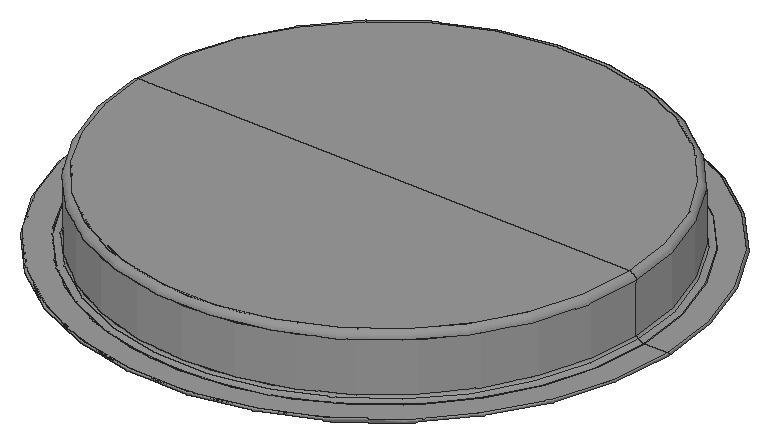
Revit family "MIA12_63_UN_Downlighter_ETK", category Lighting Fixtures, Revit 2017 (continued)
Definition of nested family "MIA.1 - Lightsource"
  Types (8, lengths in mm): name | Wattage | built-in parameter 1150134 | Photometric Web File | built-in parameter 1150142 | built-in parameter 1150105 | Lumens | built-in parameter 1150107 | built-in parameter 1150106
    MIA.1263.25/35 -  Ø180 / 10W / 1100lm / 4000K | 7.40531 W | 12 | "MIA.1263.25_LDT.ies" | "IESNA91\r\n[MANUFAC]  www.etk.nl\r\n[LUMCAT] MIA.1263.25\r\n[LUMINAIRE] MIA.1 LED 10W 4000K ø180 1000Lm alu  Dimbaar DALI\r\n[LAMP] LED\r\n[CHANGED] this file converted to 'ies' from 'ldt' by IES Viewer v2.99n    (C) Andrey Legotin\r\nTILT=NONE\r\n1 1050 1.05 181 24 1 2 0 -0.16 0\r\n1 1 10\r\n0 1 2 3 4 5 6 7 8 9 10 11 12 13 14 15 16 17 18 19 20 21 22 \r\n23 24 25 26 27 28 29 30 31 32 33 34 35 36 37 38 39 40 41 42 \r\n43 44 45 46 47 48 49 50 51 52 53 54 55 56 57 58 59 60 61 62 \r\n63 64 65 66 67 68 69 70 71 72 73 74 75 76 77 78 79 80 81 82 \r\n83 84 85 86 87 88 89 90 91 92 93 94 95 96 97 98 99 100 101 \r\n102 103 104 105 106 107 108 109 110 111 112 113 114 115 116 \r\n117 118 119 120 121 122 123 124 125 126 127 128 129 130 131 \r\n132 133 134 135 136 137 138 139 140 141 142 143 144 145 146 \r\n147 148 149 150 151 152 153 154 155 156 157 158 159 160 161 \r\n162 163 164 165 166 167 168 169 170 171 172 173 174 175 176 \r\n177 178 179 180 \r\n0 15 30 45 60 75 90 105 120 135 150 165 180 195 210 225 240 \r\n255 270 285 300 315 330 345 \r\n346.7666 346.96 346.9237 346.8029 346.1864 346.1139 \r\n345.4611 344.9293 344.1073 343.7931 342.8381 341.5206 \r\n340.2635 338.6317 336.9394 334.9934 332.5879 331.4638 \r\n329.7474 327.3661 325.1541 322.652 320.5125 317.95 314.9523 \r\n312.4018 309.4524 306.3459 303.0098 300.0121 296.9539 \r\n293.2189 289.5322 285.8697 282.0742 278.2546 274.6283 \r\n270.7845 266.8198 262.4199 258.3706 253.9466 249.5588 \r\n245.2315 240.2393 235.6219 230.9924 226.387 222.0839 \r\n216.6203 211.3381 206.5031 201.3659 196.3858 190.9223 \r\n185.8334 180.3941 175.0635 169.6483 163.8342 159.0112 \r\n153.318 147.4193 142.0525 136.4559 130.8473 125.0695 \r\n119.3884 113.7314 108.0865 102.4417 96.9298 91.3212 85.5675 \r\n80.1402 74.6283 69.1285 63.4715 58.1651 52.7257 47.3951 \r\n42.2217 37.0241 31.9231 26.8343 21.8421 16.9588 12.1721 \r\n7.5063 3.1911 0.7857 0.133 0.1209 0.1209 0.1209 0.1209 \r\n0.1209 0.1209 0.1209 0.1209 0.1209 0.133 0.1451 0.1571 \r\n0.1571 0.1692 0.1692 0.1813 0.1813 0.2055 0.2055 0.2176 \r\n0.2297 0.2418 0.2538 0.2659 0.2659 0.278 0.278 0.2901 \r\n0.3022 0.3264 0.3264 0.3143 0.3264 0.3385 0.3505 0.3505 \r\n0.3626 0.3747 0.3868 0.3868 0.3989 0.411 0.411 0.411 0.4352 \r\n0.4352 0.4352 0.4472 0.4472 0.4593 0.4714 0.4714 0.4835 \r\n0.4956 0.4956 0.4956 0.5077 0.5077 0.5077 0.5077 0.5198 \r\n0.5198 0.5198 0.5319 0.5319 0.5319 0.5319 0.5319 0.5319 \r\n0.5319 0.5319 0.5319 0.5319 0.5319 0.5319 0.556 0.556 0.556 \r\n0.556 0.6044 0.6165 0.6406 0.6406 0.6527 0.6527 0.6527 \r\n0.6527 0.6527 0.6406 \r\n348.3742 347.7578 349.2083 348.2413 348.0962 346.9842 \r\n346.5248 345.9084 346.0172 344.8326 343.6964 343.6722 \r\n341.0734 340.3119 338.2812 336.3472 334.5582 332.9868 \r\n331.1374 328.3936 327.2936 324.5739 321.3828 319.6059 \r\n316.4632 313.7314 311.4469 307.7602 305.0526 301.9098 \r\n298.6341 295.1287 291.7442 287.7674 284.5401 280.5633 \r\n276.9733 273.3954 269.0801 264.6924 260.6551 256.6421 \r\n252.1818 247.1776 243.092 238.535 234.0868 229.3122 \r\n224.4772 218.8807 213.2842 207.6877 202.5867 197.6067 \r\n192.7958 187.5378 181.9413 176.3447 170.8933 165.466 \r\n160.0266 154.6356 149.0632 143.4667 137.9669 132.455 \r\n126.931 120.7784 115.1698 109.6337 103.9768 98.2594 92.5299 \r\n86.9213 81.4094 75.9579 70.3856 64.9462 59.4585 54.14 \r\n48.7731 43.503 38.2086 33.0835 28.0189 23.063 18.0708 \r\n13.1875 8.4854 3.9889 1.1483 0.0967 0.0967 0.1088 0.1088 \r\n0.1088 0.1209 0.1209 0.1209 0.133 0.1451 0.1571 0.1692 \r\n0.1692 0.1813 0.1934 0.1934 0.2055 0.2176 0.2297 0.2297 \r\n0.2418 0.2538 0.2659 0.278 0.278 0.2901 0.3022 0.3143 \r\n0.3264 0.3264 0.3385 0.3505 0.3626 0.3626 0.3626 0.3747 \r\n0.3868 0.3989 0.3989 0.411 0.4231 0.4231 0.4352 0.4352 \r\n0.4472 0.4593 0.4593 0.4714 0.4714 0.4835 0.4956 0.5077 \r\n0.5077 0.5077 0.5077 0.5077 0.5319 0.5319 0.5319 0.5319 \r\n0.5319 0.5319 0.5319 0.5319 0.5319 0.5319 0.5439 0.5439 \r\n0.5439 0.5439 0.5439 0.5439 0.5439 0.556 0.556 0.556 0.5681 \r\n0.5681 0.5802 0.6044 0.6044 0.6165 0.6165 0.6165 0.6286 \r\n0.6286 0.6406 0.6286 0.6286 0.6406 \r\n347.794 348.1083 348.0479 347.7336 347.5402 347.6973 \r\n346.8512 346.0293 345.7512 344.5667 343.7326 342.5964 \r\n341.2426 340.0218 338.5229 336.9394 335.0538 333.4341 \r\n331.5363 329.2518 327.5837 324.719 322.2048 319.896 \r\n317.1401 313.816 311.193 308.3887 305.3427 301.8494 \r\n298.8396 295.2133 291.297 288.263 284.528 280.6237 276.6348 \r\n273.1415 269.4669 265.466 260.3409 256.5333 251.7104 \r\n247.0809 242.8865 238.8372 234.2198 228.9617 224.2717 \r\n219.2917 213.9369 209.2711 204.5207 198.9121 193.6178 \r\n188.5289 183.2346 177.3722 172.1383 166.6747 161.1749 \r\n156.1102 150.2115 144.5546 138.8614 133.3495 127.9101 \r\n121.9872 116.4511 110.7579 105.0647 99.3714 93.9562 88.3476 \r\n82.8357 77.1909 71.6306 66.1187 60.776 55.2037 49.7885 \r\n44.5908 39.3086 34.0868 28.9738 23.9333 18.9532 14.1182 \r\n9.3074 4.7625 1.4747 0.133 0.1209 0.1209 0.1209 0.1209 \r\n0.1209 0.1209 0.1209 0.1209 0.1209 0.1209 0.1451 0.1571 \r\n0.1571 0.1571 0.1692 0.1813 0.1934 0.2055 0.2055 0.2176 \r\n0.2297 0.2418 0.2418 0.2538 0.2659 0.278 0.278 0.2901 \r\n0.3022 0.3143 0.3264 0.3264 0.3264 0.3264 0.3385 0.3505 \r\n0.3626 0.3626 0.3868 0.3868 0.3989 0.3989 0.411 0.411 \r\n0.4352 0.4352 0.4352 0.4472 0.4472 0.4593 0.4714 0.4714 \r\n0.4835 0.4956 0.4956 0.5077 0.5077 0.5077 0.5077 0.5077 \r\n0.5198 0.5198 0.5319 0.5319 0.5319 0.5319 0.5319 0.5319 \r\n0.5439 0.5439 0.5439 0.5439 0.5439 0.5439 0.5439 0.556 \r\n0.556 0.556 0.5681 0.6044 0.6286 0.6406 0.6527 0.6648 \r\n0.6648 0.6769 0.6769 0.6648 0.6406 \r\n346.5369 347.8666 347.2017 346.4161 346.3798 346.4886 \r\n346.3677 345.8359 344.8205 344.7963 343.5755 342.0887 \r\n340.88 339.6591 338.8009 337.701 334.9208 332.9868 330.8594 \r\n328.865 327.487 324.2355 322.3861 319.6422 317.539 315.1819 \r\n311.2897 308.0019 304.7504 302.3087 299.166 295.999 \r\n292.2761 289.0971 285.7367 281.8808 277.7106 274.0602 \r\n269.89 265.7198 261.6826 257.0893 252.762 249.2929 244.0832 \r\n239.4416 234.7758 230.1946 225.553 220.0169 214.4688 \r\n208.9448 204.0977 199.0209 193.8595 188.6136 182.9929 \r\n177.6744 172.38 166.8923 161.465 156.1465 150.5137 144.893 \r\n139.369 133.7121 127.6804 122.3136 116.7533 111.0963 \r\n105.5482 99.7462 94.1376 88.4564 82.9808 77.3963 71.7515 \r\n66.4209 60.8365 55.6388 50.1511 44.8205 39.5383 34.4978 \r\n29.3485 24.3201 19.2917 14.36 9.6821 5.0284 1.5956 0.1088 \r\n0.0967 0.1088 0.1088 0.1209 0.1209 0.1209 0.133 0.1451 \r\n0.1451 0.1571 0.1571 0.1813 0.1813 0.1934 0.1934 0.2055 \r\n0.2176 0.2297 0.2418 0.2418 0.2538 0.2659 0.278 0.2901 \r\n0.2901 0.3143 0.3143 0.3264 0.3385 0.3385 0.3505 0.3626 \r\n0.3626 0.3747 0.3747 0.3868 0.3868 0.3989 0.411 0.4231 \r\n0.4231 0.4231 0.4352 0.4352 0.4352 0.4472 0.4593 0.4593 \r\n0.4714 0.4835 0.4956 0.5077 0.5077 0.5077 0.5198 0.5198 \r\n0.5198 0.5198 0.5198 0.5198 0.5198 0.5319 0.5319 0.5319 \r\n0.5319 0.5319 0.5319 0.5319 0.5439 0.5439 0.5439 0.5439 \r\n0.556 0.556 0.5681 0.5681 0.5802 0.5923 0.6044 0.6044 \r\n0.6165 0.6165 0.6286 0.6286 0.6406 0.6406 0.6406 0.6406 \r\n0.6406 \r\n347.0688 347.5402 348.0358 348.3501 348.2413 347.1655 \r\n346.7787 347.2259 345.8721 345.0381 343.9744 342.3788 \r\n341.3514 339.6229 338.7526 337.3142 335.1988 333.0956 \r\n330.8836 329.0221 327.1123 324.7069 322.2168 319.1708 \r\n317.1401 314.5655 311.3139 308.7151 305.3669 302.212 \r\n299.2747 295.5397 291.986 288.6377 284.9631 280.9017 \r\n277.348 273.5646 269.7208 265.611 261.1024 256.9201 \r\n252.4115 247.6611 243.2733 238.8734 233.7363 229.3606 \r\n224.586 219.3279 214.6863 209.5975 204.6416 199.3714 \r\n194.4035 189.0487 183.4159 178.1458 172.7306 166.9527 \r\n161.6584 156.2553 150.6829 145.0502 139.4778 133.8813 \r\n128.321 122.5553 117.1401 111.4469 105.7416 100.0363 \r\n94.3914 88.5894 83.1863 77.6139 72.0053 66.6143 60.9573 \r\n55.663 50.3324 45.0018 39.8163 34.5703 29.4331 24.4168 \r\n19.4246 14.5413 9.7667 5.1735 1.6439 0.1692 0.1209 0.1088 \r\n0.1088 0.1088 0.1088 0.1088 0.1088 0.1088 0.1209 0.1209 \r\n0.1451 0.1451 0.1571 0.1571 0.1692 0.1813 0.1813 0.2055 \r\n0.2176 0.2176 0.2297 0.2297 0.2418 0.2538 0.2659 0.278 \r\n0.278 0.2901 0.3022 0.3264 0.3264 0.3264 0.3264 0.3385 \r\n0.3505 0.3505 0.3626 0.3747 0.3747 0.3868 0.3989 0.411 \r\n0.411 0.411 0.4352 0.4352 0.4472 0.4352 0.4352 0.4472 \r\n0.4472 0.4593 0.4593 0.4714 0.4714 0.4956 0.4956 0.5077 \r\n0.5077 0.5077 0.5198 0.5198 0.5198 0.5319 0.5319 0.5319 \r\n0.5319 0.5319 0.5319 0.5319 0.5319 0.5319 0.5319 0.5439 \r\n0.5439 0.5439 0.556 0.556 0.5681 0.6044 0.6286 0.6406 \r\n0.6527 0.6648 0.6769 0.6769 0.6769 0.6648 0.6406 \r\n347.794 348.1687 348.2654 347.4677 348.2171 347.238 \r\n347.3105 347.3105 345.6425 345.0743 343.9502 343.2975 \r\n341.9074 340.1185 338.7888 337.3504 335.7186 333.7 331.633 \r\n329.8078 327.7408 325.0453 322.7124 320.0894 317.5632 \r\n314.3962 312.3414 308.5459 305.8262 302.3329 299.7824 \r\n296.3133 293.0134 289.4597 285.4345 281.9896 277.904 \r\n274.4712 270.3493 266.6022 262.2628 257.6695 253.1125 \r\n248.8577 244.6392 239.8888 235.3197 230.3759 225.8189 \r\n220.2708 214.7226 209.1744 203.9043 198.9605 193.8716 \r\n188.6015 183.2588 177.7832 172.3438 167.0615 161.5134 \r\n155.9289 150.3203 144.5788 139.1394 133.4462 127.8134 \r\n122.1322 116.4995 110.7579 105.1855 99.6374 93.92 88.3114 \r\n82.7874 76.9491 71.3889 66.0703 60.5584 55.2158 49.8852 \r\n44.5304 39.2723 34.0505 28.9496 23.9454 18.929 14.1061 \r\n9.3557 4.7625 1.4505 0.1088 0.1088 0.1088 0.1088 0.1209 \r\n0.1209 0.1209 0.133 0.1451 0.1571 0.1571 0.1692 0.1813 \r\n0.1813 0.1934 0.2055 0.2176 0.2176 0.2297 0.2418 0.2538 \r\n0.2659 0.2659 0.278 0.2901 0.3022 0.3143 0.3264 0.3264 \r\n0.3385 0.3505 0.3505 0.3626 0.3626 0.3747 0.3747 0.3989 \r\n0.3989 0.411 0.4231 0.4352 0.4352 0.4352 0.4472 0.4472 \r\n0.4593 0.4714 0.4714 0.4835 0.4835 0.4956 0.5077 0.5077 \r\n0.5077 0.5198 0.5077 0.5198 0.5198 0.5319 0.5319 0.5319 \r\n0.5319 0.5319 0.5319 0.5319 0.5319 0.5319 0.5319 0.5439 \r\n0.5439 0.5439 0.5439 0.556 0.556 0.5681 0.5681 0.5802 \r\n0.5802 0.5923 0.6044 0.6165 0.6286 0.6286 0.6406 0.6406 \r\n0.6527 0.6648 0.6527 0.6527 0.6406 \r\n347.4918 347.4556 347.0325 346.9842 346.5611 346.2589 \r\n344.7842 343.3579 342.959 342.2338 341.025 339.9613 \r\n338.6438 336.9515 335.1868 333.3253 331.5363 329.699 \r\n327.4387 324.586 322.0355 320.3554 317.6599 314.3962 \r\n312.1963 309.1502 306.08 302.9494 299.6011 296.7243 \r\n293.6299 289.7256 286.0389 282.8841 279.4029 275.3656 \r\n271.7877 267.5571 263.3627 259.2893 254.8773 250.9489 \r\n246.3314 242.0283 237.4109 232.9626 228.3694 223.6553 \r\n218.2401 212.8128 207.3855 202.0065 197.5946 192.1794 \r\n187.2235 182.1709 176.8645 171.6548 166.5297 161.054 \r\n155.4938 150.0665 144.8447 139.5141 133.8692 128.1035 \r\n122.7004 117.1643 111.7853 106.2976 100.8703 95.3705 \r\n89.9553 84.5038 79.2457 73.6976 68.2098 63.0726 57.7058 \r\n52.5565 47.3589 42.3426 37.3021 32.3462 27.4628 22.6278 \r\n17.9016 13.1996 8.6667 4.2669 1.2571 0.0484 0.0604 0.0604 \r\n0.0725 0.0604 0.0725 0.0846 0.0846 0.0967 0.0967 0.1088 \r\n0.1209 0.1209 0.133 0.1451 0.1451 0.1571 0.1692 0.1813 \r\n0.1813 0.1934 0.2055 0.2055 0.2176 0.2297 0.2418 0.2418 \r\n0.2538 0.2538 0.2659 0.278 0.278 0.2901 0.3022 0.3022 \r\n0.3143 0.3143 0.3264 0.3264 0.3385 0.3505 0.3626 0.3626 \r\n0.3626 0.3747 0.3747 0.3868 0.3989 0.411 0.411 0.4231 \r\n0.4352 0.4352 0.4472 0.4472 0.4593 0.4593 0.4714 0.4714 \r\n0.4714 0.4835 0.4835 0.4956 0.4835 0.4956 0.5077 0.5077 \r\n0.5319 0.5319 0.5439 0.5439 0.556 0.5681 0.5802 0.5802 \r\n0.5923 0.6044 0.6165 0.6165 0.6165 0.6286 0.6286 0.6286 \r\n0.6406 0.6406 0.6406 0.6406 0.6406 0.6406 0.6406 \r\n348.6764 348.9907 348.3863 347.516 346.8029 346.4886 \r\n345.8359 345.0864 344.0348 342.8986 341.6173 340.3239 \r\n339.3449 337.2295 335.2955 333.3132 331.6814 329.3122 \r\n327.7408 325.4321 322.7487 320.4883 318.2159 315.6896 \r\n312.2809 309.3557 306.6965 303.8317 300.0242 296.5551 \r\n292.7475 289.6531 285.8697 282.5819 278.4117 274.9547 \r\n271.413 267.3758 263.121 258.6486 254.2367 249.9819 \r\n245.3282 240.5173 236.1779 231.8869 226.8101 222.1806 \r\n217.3456 212.4501 207.6756 202.5746 197.6188 192.1552 \r\n187.1026 182.1105 176.8766 171.5218 166.1912 160.5222 \r\n155.5663 149.8489 144.204 138.7767 133.2165 127.7167 \r\n122.096 116.717 111.2172 105.7053 100.2055 94.6211 89.2784 \r\n83.8511 78.3392 72.9844 67.5209 62.2749 56.9564 51.928 \r\n46.6699 41.569 36.5043 31.4517 26.6892 21.818 16.9588 \r\n12.3776 7.8206 3.5537 0.9428 0.0967 0.0725 0.0725 0.0725 \r\n0.0725 0.0725 0.0725 0.0725 0.0725 0.0846 0.0967 0.0967 \r\n0.0967 0.1088 0.1209 0.133 0.133 0.1451 0.1571 0.1571 \r\n0.1692 0.1813 0.1813 0.1934 0.2055 0.2176 0.2176 0.2297 \r\n0.2418 0.2418 0.2538 0.2659 0.2659 0.278 0.278 0.2901 \r\n0.2901 0.3022 0.3143 0.3143 0.3264 0.3264 0.3385 0.3385 \r\n0.3505 0.3505 0.3626 0.3626 0.3868 0.3868 0.3989 0.3989 \r\n0.411 0.4231 0.4231 0.4472 0.4352 0.4352 0.4472 0.4472 \r\n0.4472 0.4472 0.4593 0.4593 0.4593 0.4714 0.4956 0.4956 \r\n0.5077 0.5077 0.5198 0.5319 0.5439 0.556 0.556 0.5681 \r\n0.5681 0.5802 0.5923 0.6286 0.6286 0.6406 0.6406 0.6527 \r\n0.6648 0.6648 0.6648 0.6648 0.6406 0.6406 \r\n347.5281 347.5281 347.8424 347.9391 347.4677 346.3677 \r\n346.5853 345.2798 343.7326 342.5118 341.4723 339.8525 \r\n338.5592 336.746 335.0659 333.6396 331.2704 329.421 \r\n326.5925 325.1541 322.7971 320.4762 317.6236 314.7589 \r\n311.5919 308.5338 305.8866 302.5867 299.5286 295.9869 \r\n292.9288 289.1092 285.4829 281.9171 278.2787 274.314 \r\n270.2526 265.9857 262.3957 258.0322 254.2971 248.894 \r\n244.9414 240.2514 235.8153 231.0045 226.4717 221.1531 \r\n215.8346 210.5161 205.669 200.8824 195.3584 190.5113 \r\n185.3983 180.3941 174.5558 169.5999 164.3297 158.9871 \r\n153.5114 147.9512 142.4876 137.0966 131.5001 125.9761 \r\n120.4883 114.8918 109.6217 103.9647 98.5737 93.1464 87.5378 \r\n82.2072 76.8766 71.3647 66.0462 60.8365 55.5663 50.3445 \r\n45.2315 40.1668 35.0296 30.0616 25.2508 20.4279 15.7863 \r\n11.1205 6.6119 2.5505 0.4835 0.0484 0.0484 0.0604 0.0604 \r\n0.0725 0.0725 0.0846 0.0846 0.0967 0.0967 0.1088 0.1209 \r\n0.1209 0.133 0.1451 0.1571 0.1571 0.1692 0.1813 0.1934 \r\n0.1934 0.2055 0.2055 0.2176 0.2297 0.2418 0.2418 0.2538 \r\n0.2538 0.2659 0.278 0.278 0.2901 0.2901 0.3022 0.3143 \r\n0.3143 0.3264 0.3264 0.3385 0.3385 0.3505 0.3505 0.3626 \r\n0.3626 0.3747 0.3868 0.3989 0.3989 0.411 0.4231 0.4231 \r\n0.4352 0.4472 0.4472 0.4593 0.4593 0.4593 0.4714 0.4714 \r\n0.4714 0.4714 0.4835 0.4835 0.4956 0.5077 0.5077 0.5198 \r\n0.5319 0.5439 0.5439 0.556 0.5681 0.5681 0.5802 0.5923 \r\n0.6044 0.6165 0.6165 0.6165 0.6165 0.6286 0.6286 0.6286 \r\n0.6286 0.6406 0.6286 0.6286 0.6286 0.6406 \r\n348.1083 347.3105 346.5974 346.4886 346.5248 345.9205 \r\n345.026 343.926 343.5876 342.0404 340.1064 339.2723 \r\n337.3625 336.1658 333.7121 331.9836 330.4243 328.0672 \r\n325.8552 323.2685 320.8872 317.9258 315.3753 312.5831 \r\n309.4162 306.7569 303.723 300.9187 297.9814 294.198 \r\n290.5838 286.9455 283.5247 279.693 276.1634 272.0658 \r\n268.0527 264.1605 259.8332 255.3487 250.961 246.7666 \r\n242.1733 238.124 233.6275 228.7562 223.752 218.8928 214.082 \r\n209.3557 204.5086 199.7099 194.4639 189.0608 183.6819 \r\n178.7622 173.1778 168.0527 162.7705 157.2344 151.9038 \r\n146.3556 140.9767 135.2714 130.1342 124.7311 119.1708 \r\n113.5138 108.014 102.5384 97.2803 91.708 86.1598 80.805 \r\n75.3052 69.9142 64.5473 59.3618 54.0916 49.0149 43.8051 \r\n38.8493 33.8088 28.8045 24.0421 19.2796 14.5534 9.8634 \r\n5.4756 1.8252 0.1813 0.0725 0.0725 0.0725 0.0725 0.0725 \r\n0.0725 0.0725 0.0725 0.0725 0.0967 0.0967 0.0967 0.0967 \r\n0.1088 0.1209 0.133 0.1451 0.1571 0.1571 0.1571 0.1692 \r\n0.1813 0.1813 0.2055 0.2055 0.2176 0.2176 0.2297 0.2418 \r\n0.2418 0.2538 0.2659 0.2659 0.2659 0.278 0.278 0.2901 \r\n0.3022 0.3143 0.3143 0.3264 0.3264 0.3264 0.3385 0.3385 \r\n0.3505 0.3626 0.3747 0.3868 0.3868 0.3989 0.3989 0.3989 \r\n0.411 0.4231 0.4352 0.4352 0.4472 0.4352 0.4472 0.4472 \r\n0.4472 0.4593 0.4593 0.4593 0.4714 0.4835 0.4835 0.4956 \r\n0.5077 0.5198 0.5198 0.5439 0.556 0.556 0.556 0.5681 0.5681 \r\n0.5923 0.6165 0.6286 0.6286 0.6286 0.6406 0.6406 0.6527 \r\n0.6527 0.6527 0.6406 0.6406 \r\n347.5765 347.3105 347.1534 347.0688 346.2589 345.2798 \r\n344.7963 343.8172 342.7535 341.6415 340.058 339.0548 \r\n337.1812 335.1505 333.2648 331.3913 329.4331 326.9552 \r\n324.9365 322.2894 320.0411
